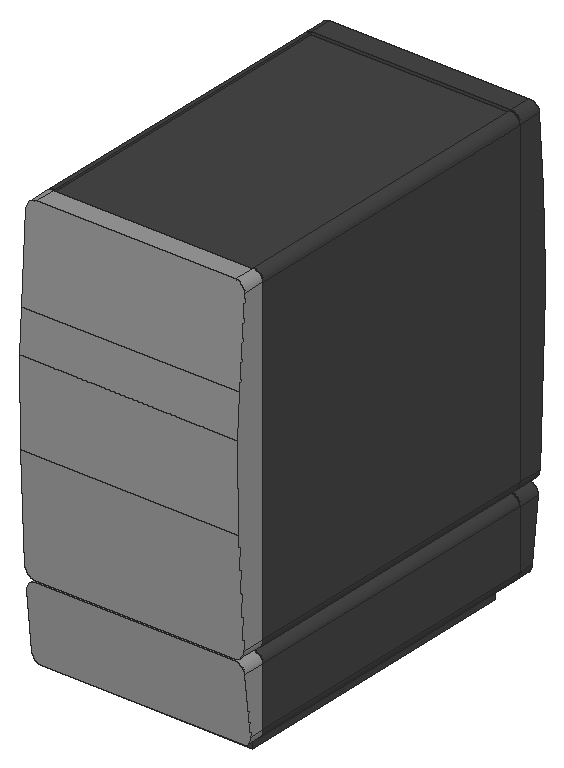
Revit family "Franke_Refrigeration_side_unit_SU05_CM-A200_FM_CM(JP)", category Specialty Equipment, Revit 2015
Parameters (values of type "Refrigeration side unit SU05 CM-A200 FM CM(100V/anthracite/JP)")
  URL = "https://www.franke.com/main/en/cs/products/product-search.html"
  Depth (mm) = 475 mm
  Temperature range = "+ 3° C to +8° C"
  Volts min. = 100 V
  Volts max. = 0 V
  Max Overcurrent Protection = "-"
  Cycle Alternative = 60 Hz
  Cycle = 50 Hz
  Model = "410871 - Refrigeration side unit SU05 CM - A200 FM CM"
  Milk storage = "5 l"
  Watts min. = 1350 W
  Watts max. = 0 W
  Cost = 0
  Height (mm) = 544 mm
  Manufacturer = "Franke"
  Energy loss acc. to DIN 18873 = "0.460 kWh/24 h - 230 V"
  Width (mm) = 270 mm
  Description = "Refrigeration side unit SU05 for storage of cooled milk"
  Assembly Code = "Refrigeration side unit SU05"
  Keynote = "Refrigeration side unit SU05"
  Weight = "25 kg"
  Number of Poles = 1
  Number of Protective Conductors = "1"
  Number of Nutral Conductors = "1"
  Frontcover = Franke Anthracite
Types (3, lengths in mm): name | Frontcover
  (no name) | Franke Anthracite
  Refrigeration side unit SU05 CM-A200 FM CM(100V/black line/JP) | Franke Black
  Refrigeration side unit SU05 CM-A200 FM CM(100V/anthracite/JP) | Franke Anthracite
Reference planes
  plane 1 "Mitte (Vorne/Hinten)": y = 0
  plane 2: z = 0
  plane 3 "Mitte (Links/Rechts)": x = 0
Forms (mm)
  Extrusion 1, solid, material "Franke Black"
    sketch origin (0, 0, -42) x (1, 0, 0) y (0, 0, 1)
      loop
        line (123, 586) -> (-123, 586)
        arc (-123, 586) -> (-131.485, 582.485) -> (-135, 574) r 12
        line (-135, 574) -> (-135, 178)
        arc (-135, 178) -> (-131.485, 169.515) -> (-123, 166) r 12
        line (-123, 166) -> (123, 166)
        arc (123, 166) -> (131.485, 169.515) -> (135, 178) r 12
        line (135, 178) -> (135, 574)
        arc (135, 574) -> (131.485, 582.485) -> (123, 586) r 12
      loop
        arc (-135, 78) -> (-131.485, 69.515) -> (-123, 66) r 12
        line (-123, 66) -> (123, 66)
        arc (123, 66) -> (131.485, 69.515) -> (135, 78) r 12
        line (135, 78) -> (135, 151)
        arc (135, 151) -> (131.485, 159.485) -> (123, 163) r 12
        line (123, 163) -> (-123, 163)
        arc (-123, 163) -> (-131.485, 159.485) -> (-135, 151) r 12
        line (-135, 151) -> (-135, 78)
    from -198.03 to 198.03
  Extrusion 2, solid, material "Franke Black"
    sketch origin (0, 0, -42) x (1, 0, 0) y (0, 0, 1)
      loop
        line (-114, 66) -> (-114, 46) -> (114, 46) -> (114, 66) -> (-114, 66)
    from -186.97 to 188.03
  Extrusion 3, solid, material "Franke Anthracite" <- "Frontcover"
    sketch origin (0, 0, -42) x (0, 1, 0) y (0, 0, 1)
      loop
        line (-199.53, 586) -> (-226.03, 586)
        arc (-226.03, 586) -> (-230.318, 527.256) -> (-234.387, 468.497) r 15843.742
        arc (-234.387, 468.497) -> (-235.812, 442.176) -> (-236.543, 415.826) r 1000
        arc (-236.543, 415.826) -> (-236.783, 362.852) -> (-235.96, 309.883) r 2640.505
        arc (-235.96, 309.883) -> (-232.928, 237.872) -> (-227.52, 166) r 2182.336
        line (-227.52, 166) -> (-199.53, 166) -> (-199.53, 586)
      loop
        arc (-227.242, 163) -> (-222.173, 114.438) -> (-216.03, 66) r 2207.212
        line (-216.03, 66) -> (-199.53, 66) -> (-199.53, 163) -> (-227.242, 163)
    from -135 to 135
  Extrusion 4, solid, material "Franke Black"
    sketch origin (0, 0, -42) x (1, 0, 0) y (0, 0, 1)
      loop
        line (-120, 576) -> (-120, 66) -> (120, 66) -> (120, 576) -> (-120, 576)
    from 198.03 to 199.53
  Extrusion 5, solid, material "Franke Black"
    sketch origin (0, 397.56, -42) x (1, 0, 0) y (0, 0, 1)
      loop
        line (-120, 576) -> (-120, 66) -> (120, 66) -> (120, 576) -> (-120, 576)
    from 198.03 to 199.53
  Extrusion 6, solid, material "Franke Black"
    sketch origin (0, 0, -42) x (1, 0, 0) y (0, 1, 0)
      loop
        line (-107.375, 116.841) -> (-107.375, 95.391) -> (-90.625, 95.391) -> (-90.625, 116.841) -> (-107.375, 116.841)
      loop
        line (-107.375, -98.159) -> (-107.375, -119.609) -> (-90.625, -119.609) -> (-90.625, -98.159) -> (-107.375, -98.159)
      loop
        line (107.375, 116.841) -> (90.625, 116.841) -> (90.625, 95.391) -> (107.375, 95.391) -> (107.375, 116.841)
      loop
        line (107.375, -98.159) -> (90.625, -98.159) -> (90.625, -119.609) -> (107.375, -119.609) -> (107.375, -98.159)
    from 42 to 46
  Extrusion 7, solid, material "Franke Black"
    sketch origin (0, 0, -42) x (0, 1, 0) y (0, 0, 1)
      loop
        line (228.03, 586) -> (199.53, 586) -> (199.53, 166) -> (227.909, 166)
        arc (227.909, 166) -> (234.785, 268.409) -> (237.114, 371.022) r 2314.482
        arc (237.114, 371.022) -> (237.115, 384.228) -> (237.104, 397.434) r 15169.055
        arc (237.104, 397.434) -> (236.381, 442.975) -> (234.325, 488.477) r 1555
        arc (234.325, 488.477) -> (231.291, 537.246) -> (228.03, 586) r 10528.092
      loop
        line (199.53, 66) -> (216.03, 66)
        arc (216.03, 66) -> (222.776, 114.386) -> (227.62, 163) r 1246.054
        line (227.62, 163) -> (199.53, 163) -> (199.53, 66)
    from -135 to 135
  Extrusion 8, void
    sketch origin (0, 0, -42) x (1, 0, 0) y (0, 0, 1)
      loop
        line (-123, 586) -> (-123, 596) -> (-145, 596) -> (-145, 574) -> (-135, 574)
        arc (-135, 574) -> (-131.485, 582.485) -> (-123, 586) r 12
      loop
        arc (123, 586) -> (131.485, 582.485) -> (135, 574) r 12
        line (135, 574) -> (145, 574) -> (145, 596) -> (123, 596) -> (123, 586)
      loop
        arc (-123, 166) -> (-131.485, 169.515) -> (-135, 178) r 12
        line (-135, 178) -> (-145, 178) -> (-145, 151) -> (-135, 151)
        arc (-135, 151) -> (-131.485, 159.485) -> (-123, 163) r 12
        line (-123, 163) -> (-123, 166)
      loop
        line (123, 66) -> (123, 56) -> (145, 56) -> (145, 78) -> (135, 78)
        arc (135, 78) -> (131.485, 69.515) -> (123, 66) r 12
      loop
        arc (-123, 66) -> (-131.485, 69.515) -> (-135, 78) r 12
        line (-135, 78) -> (-145, 78) -> (-145, 56) -> (-123, 56) -> (-123, 66)
      loop
        line (123, 166) -> (123, 163)
        arc (123, 163) -> (131.485, 159.485) -> (135, 151) r 12
        line (135, 151) -> (145, 151) -> (145, 178) -> (135, 178)
        arc (135, 178) -> (131.485, 169.515) -> (123, 166) r 12
    from -299.15 to 303.805
  Extrusion 9, void
    sketch origin (0, 0, -42) x (1, 0, 0) y (0, 1, 0)
      loop
        circle (-92.5, 137.316) r 16
      loop
        circle (-92.5, -140.084) r 16
      loop
        circle (92.5, 137.316) r 16
      loop
        circle (92.5, -140.084) r 16
    from 18.481 to 51
  Extrusion 10, solid, material "Franke Chrome"
    sketch origin (0, 0, 0) x (1, 0, 0) y (0, 1, 0)
      loop
        circle (0, 157.898) r 2.5
    from 0 to 4
  Extrusion 11, void
    sketch origin (-662.928, -2000, 0) x (1, 0, 0) y (0, 1, 0)
      loop
        line (539.928, 1766.374) -> (785.928, 1766.374) -> (785.928, 2217.396) -> (539.928, 2217.396) -> (539.928, 1766.374)
    from 542.002 to 621.958
Cuts and joins
  Extrusion 8 cuts Extrusion 7
  Extrusion 9 cuts Extrusion 2
  Extrusion 8 cuts Extrusion 3
  Extrusion 11 cuts Extrusion 1
Dimensions and locks
  aligned and locked: level to plane 2
Connectors
  electrical at (0, 157.898, 0), driven by "Number of Poles", driven by "Volts max."
    settings: on Extrusion 10, index 1, voltage 0 V, apparent load 0 VA, apparent load phase1 0 VA, apparent load phase2 0 VA, apparent load phase3 0 VA, power factor 1, load classification "Strom", number of poles 1, system type 31, power factor state 1, is connector primary yes, connector utility no, sub classification motor no, connector description ""
